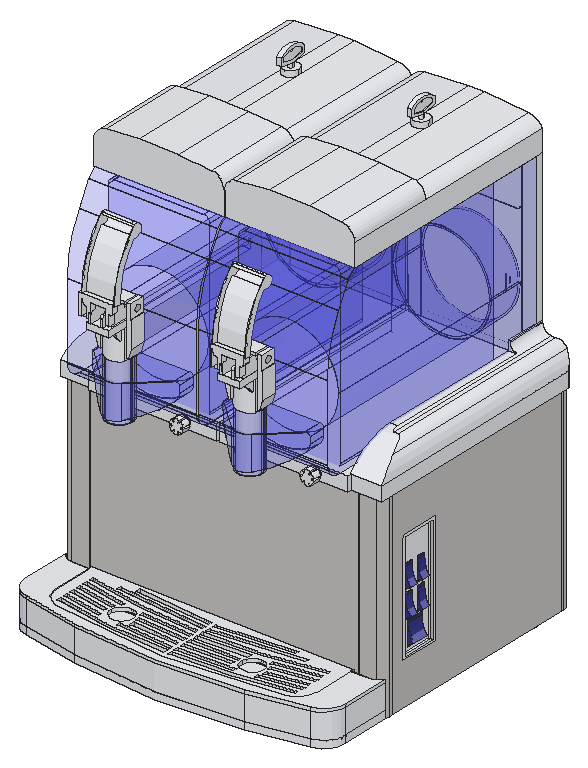
Revit family "QF_ELECTROLUXPROFESSIONAL_560101_SP2NewUV", category Specialty Equipment, Revit 2018 (continued)
Definition of nested family "SP2_Vasca_R"
  Forms (mm)
    Extrusion 45, solid
      sketch origin (0.189, -212, -123.048) x (-1, 0, 0) y (0, 0, 1)
        loop
          circle (45.189, 417.933) r 6.382
      from 90.501 to 85.6
    Extrusion 46, solid
      sketch origin (-0.189, -212, -123.048) x (1, 0, 0) y (0, 0, -1)
        loop
          circle (45.189, -417.933) r 6.382
      from 85.6 to 90.501
    Extrusion 47, void
      sketch origin (-90.5, 0, 0) x (-1, 0, 0) y (0, -1, 0)
        loop
          arc (-210.523, -212) -> (-219.699, -208.199) -> (-223.5, -199.023) r 12.977
          line (-223.5, -199.023) -> (-223.5, -212) -> (-210.523, -212)
      from 328.597 to 286
  Cuts and joins
    Extrusion 8 cuts Extrusion 6
    Extrusion 8, Extrusion 9 cuts Extrusion 7
    Extrusion 8 cuts Extrusion 10
    joined: Extrusion 7, Extrusion 10, Extrusion 11
    joined: Extrusion 5, Extrusion 14
    Extrusion 20 cuts Extrusion 12
    Extrusion 20 cuts Extrusion 15
    Extrusion 20 cuts Extrusion 16
    Extrusion 20 cuts Extrusion 17
    Extrusion 20 cuts Extrusion 18
    Extrusion 25, Extrusion 47 cuts Extrusion 24
    Extrusion 22 cuts Extrusion 26
    Extrusion 31 cuts Extrusion 32
    Extrusion 22, Extrusion 42, Extrusion 44 cuts Extrusion 39
    Extrusion 22, Extrusion 42 cuts Extrusion 40
    Extrusion 38 cuts Extrusion 27
  Lines and regions (mm)
    symbolic lines
      curve 1: arc (112.977, -118, 14) -> (127.119, -112.142, 14) -> (132.977, -98, 14) r 20
      curve 2: line (110.977, 212, 14) -> (110.977, -50, 14)
      curve 3: line (110.977, -50, 14) -> (127.977, -50, 14)
      curve 4: line (127.977, -50, 14) -> (127.977, 209.259, 14)
      curve 5: arc (120, 212, 14) -> (129.176, 208.199, 14) -> (132.977, 199.023, 14) r 12.977
      curve 6: line (110.977, -50, 14) -> (110.977, -67.775, 14)
      curve 7: arc (110.977, -67.775, 14) -> (112.944, -92.763, 14) -> (118.795, -117.135, 14) r 159.732
      curve 8: line (127.977, -50, 14) -> (132.977, -85.577, 14)
      curve 9: line (89.477, 212, 14) -> (89.477, 30.512, 14)
      curve 10: line (89.477, 157, 14) -> (104.477, 157, 14)
      curve 11: line (104.477, 157, 14) -> (104.477, -88, 14)
      curve 12: arc (104.477, -88, 14) -> (103.013, -99.123, 14) -> (98.719, -109.488, 14) r 42.977
      curve 13: line (98.719, -109.488, 14) -> (89.477, -109.488, 14)
      curve 14: arc (89.477, 30.512, 14) -> (83.619, 16.37, 14) -> (69.477, 10.512, 14) r 20
      curve 15: arc (-90.523, 30.512, 14) -> (-84.665, 16.37, 14) -> (-70.523, 10.512, 14) r 20
      curve 16: line (-90.523, 30.512, 14) -> (-90.523, -113, 14)
      curve 17: line (89.477, 30.512, 14) -> (89.477, -113, 14)
      curve 18: line (2.977, 135.359, 14) -> (-3.023, 135.359, 14)
      curve 19: line (2.977, 96.233, 14) -> (2.977, 135.359, 14)
      curve 20: line (-3.023, 96.233, 14) -> (2.977, 96.233, 14)
      curve 21: line (-3.023, 135.359, 14) -> (-3.023, 96.233, 14)
      curve 22: arc (2.977, 105.213, 14) -> (10.977, 115.796, 14) -> (2.977, 126.379, 14) r 11
      curve 23: arc (-3.023, 126.379, 14) -> (-11.023, 115.796, 14) -> (-3.023, 105.213, 14) r 11
      curve 24: arc (89.477, -93, 14) -> (82.183, -87.573, 14) -> (73.338, -85.474, 14) r 22.513
      curve 25: arc (-90.523, -93, 14) -> (-83.229, -87.573, 14) -> (-74.384, -85.474, 14) r 22.513
      curve 26: arc (73.338, -85.474, 14) -> (-0.523, -83, 14) -> (-74.384, -85.474, 14) r 1103.745
      curve 27: line (-0.523, -113, 14) -> (-0.523, -171, 14)
      curve 28: line (82.477, -113, 14) -> (82.477, -153, 14)
      curve 29: line (-80.989, -113, 14) -> (-80.989, -153, 14)
      curve 30: line (-80.989, -153, 14) -> (82.477, -153, 14)
      curve 31: line (-50.989, -153, 14) -> (-21.523, -182.466, 14)
      curve 32: line (20.477, -216, 14) -> (-21.523, -216, 14)
      curve 33: line (-21.523, -216, 14) -> (-21.523, -171, 14)
      curve 34: line (-21.523, -171, 14) -> (20.477, -171, 14)
      curve 35: line (-16.523, -216, 14) -> (-16.523, -181, 14)
      curve 36: line (-16.523, -181, 14) -> (14.477, -181, 14)
      curve 37: line (14.477, -196, 14) -> (-16.523, -196, 14)
      curve 38: line (-55.989, -153, 14) -> (-21.523, -187.466, 14)
      curve 39: line (49.943, -153, 14) -> (20.477, -182.466, 14)
      curve 40: line (54.943, -153, 14) -> (20.477, -187.466, 14)
      curve 41: line (20.477, -216, 14) -> (20.477, -171, 14)
      curve 42: line (14.477, -216, 14) -> (14.477, -181, 14)
      curve 43: line (-90.523, 212, 14) -> (120, 212, 14)
      curve 44: line (132.977, 199.023, 14) -> (132.977, -98, 14)
      curve 45: line (-90.523, 212, 14) -> (-90.523, 30.512, 14)
      curve 46: line (-90.523, -113, 14) -> (89.477, -113, 14)
      curve 47: line (89.477, -113, 14) -> (89.477, -118, 14)
      curve 48: line (89.477, -118, 14) -> (112.977, -118, 14)
      curve 49: line (-70.523, 10.512, 0) -> (69.477, 10.512, 0)
  Dimensions and locks
    plane 4 "FEET" to level = 14 mm
    plane 6 "LEFT" to plane 3 "Center (Left/Right)" to plane 7 "RIGHT" = 133 mm, 133 mm
    plane 5 "BACK" to plane 1 "Center (Front/Back)" = 212 mm
    plane 6 "LEFT" to plane 7 "RIGHT" = 266 mm
    plane 5 "BACK" to plane 8 = 43 mm
    plane 8 to plane 11 = 250 mm
    plane 14 "TOP" to level = 640 mm
    plane 15 "FRONT" to plane 5 "BACK" = 428 mm
    plane 5 "BACK" to plane 15 "FRONT" = 428 mm
    Extrusion 36 to level = 613 mm
    Extrusion 36 to level = 606 mm
    aligned and locked: level to plane 2 "BASE"
